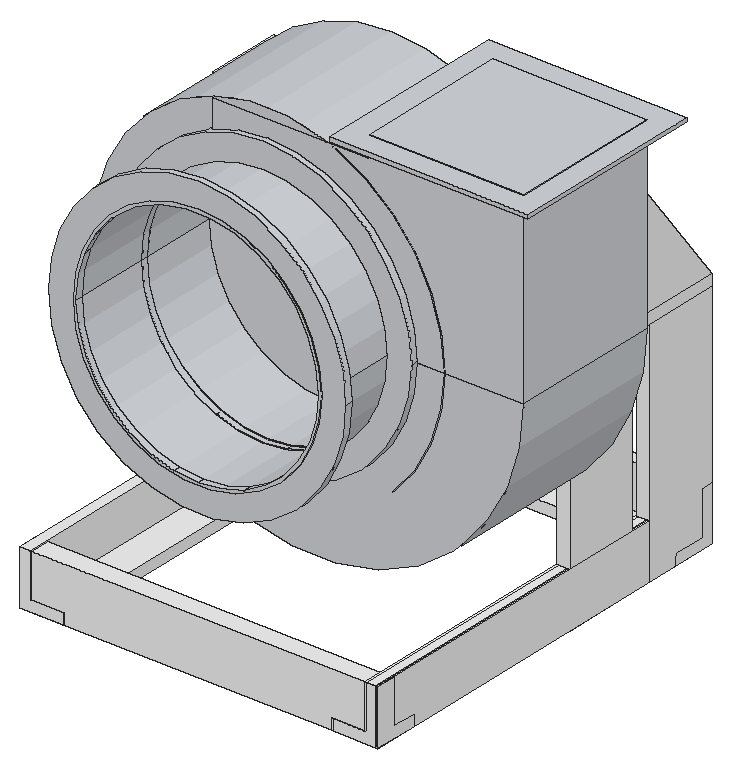
Revit family "НЕВАТОМ_Вентилятор ВР 280-46, Версия 2", category Оборудование, Revit 2017 (continued)
Definition of nested family "НЕВАТОМ_Рама монтажная для ВР-280-46, Версия 2"
  Dimensions and locks
    aligned and locked: cut or joined group of Extrusion 2, Extrusion 4 to Extrusion 3 sketch curve  (x2)
    aligned and locked: Extrusion 1 sketch curve to cut or joined group of Extrusion 2, Extrusion 4  (x2)
    aligned and locked: Extrusion 3 to Extrusion 1
  Automatic sketch dimensions
    curve 24 to level = 0.00 mm
    curve 23 to plane 7 = 0.00 mm
    curve 10 to level = 0.00 mm
    curve 10 to plane 6 = 0.00 mm
    curve 22 to plane 7 = 1.48 mm
    level to curve 28 = 1.497 mm
    curve 26 to curve 26 = 1.549 mm
    plane 6 to curve 9 = 1.48 mm
    level to curve 14 = 11.968 mm
    curve 14 to curve 11 = 1.549 mm
    level to curve 14 = 1.497 mm
    curve 27 to curve 25 = 10.471 mm
    curve 9 to curve 10 = 1.497 mm
    curve 22 to plane 10 = 1.497 mm
    Extrusion 2 sketch curve to plane 7 = 0.00 mm
    Extrusion 2 sketch curve to level = 0.00 mm
    Extrusion 2 sketch curve to plane 11 = 0.00 mm
    Extrusion 2 sketch curve to plane 10 = 0.00 mm  (x2)
    Extrusion 2 sketch curve to plane 15 = 0.549 mm
    Extrusion 2 sketch curve to plane 7 = 1.48 mm
    plane 13 to Extrusion 2 sketch curve = 0.549 mm
    Extrusion 2 sketch curve to Extrusion 2 sketch curve = 10.471 mm  (x2)
    Extrusion 2 sketch curve to plane 10 = 1.497 mm
    plane 19 to Extrusion 4 sketch curve = 42.50 mm  (x2)
    Extrusion 4 sketch curve to Extrusion 4 sketch curve = 20.00 mm  (x4)
    Extrusion 4 sketch curve to plane 3 "По центру (Влево/Вправо)" = 10.321 mm  (x2)
    plane 3 "По центру (Влево/Вправо)" to Extrusion 4 sketch curve = 9.679 mm  (x2)
    Extrusion 4 sketch curve to plane 20 = 62.50 mm  (x2)
    plane 6 to Extrusion 4 sketch curve = 18.50 mm
    Extrusion 4 sketch curve to Extrusion 4 sketch curve = 5.00 mm  (x3)
    plane 6 to Extrusion 4 sketch curve = 13.50 mm  (x2)
    curve 35 to plane 5 = 0.00 mm
    curve 34 to plane 5 = 0.00 mm
    curve 34 to plane 4 = 0.00 mm
    curve 35 to plane 4 = 0.00 mm
    curve 46 to plane 3 "По центру (Влево/Вправо)" = 10.321 mm
    curve 59 to plane 3 "По центру (Влево/Вправо)" = 10.321 mm
    curve 38 to plane 7 = 10.50 mm
    curve 42 to plane 7 = 10.50 mm
    curve 46 to plane 7 = 10.50 mm
    plane 6 to curve 50 = 13.50 mm
    plane 6 to curve 58 = 13.50 mm
    plane 6 to curve 54 = 13.50 mm
    plane 14 to curve 34 = 0.25 mm
Types (8, lengths in mm): name | с2 | с1 | Ширина основания | Ширина опоры | Сравнение праволево | НЕВАТОМ_Частота вращения электродвигателя | НЕВАТОМ_Направление вращения Правое | НЕВАТОМ_Направление вращения Левое | НЕВАТОМ_Мощность электродвигатель | ВР | r | l длина | l двиг | k | h3 | h2 | h1 | h | d двиг | b | URL | Type | R2 | R1 | L длина опоры | L двиг | H1 | H | D1 | D/2 | D входного патрубка | D внешний | D | BB | ADSK_Наименование краткое | ADSK_Марка | AA | A1
  (no name) | 220.00 | 160.00 | 325.00 | 325.00 | 1.00 | 3000.00 | yes | no | 0.18 | 2.00 | 50.00 | 160.00 | 120.00 | 50.00 | 0.00 | 150.00 | 170.00 | 120.00 | 100.00 | 20.00 | "" | 38.00 | 160.00 | 190.00 | 378.00 | 50.00 | 270.00 | 220.00 | 225.00 | 50.00 | 220.00 | 270.00 | 220.00 | 140.00 | "ВР 280-46-2.0-0.18КВТ*3000 ОБ/МИН. ПРАВ0" | "VR 280-46-2.0" | 140.00 | 162.00
  №2.5 | 208.00 | 260.00 | 310.00 | 310.00 | 0.00 | 1500.00 | no | yes | 0.37 | 2.50 | 50.00 | 260.00 | 120.00 | 50.00 | 0.00 | 155.00 | 180.00 | 120.00 | 100.00 | 20.00 | "https://t.me/NEVATOM_Bim_bot" | 38.00 | 180.00 | 210.00 | 468.00 | 50.00 | 306.00 | 260.00 | 255.00 | 50.00 | 250.00 | 300.00 | 250.00 | 175.00 | "ВР 280-46-2.5-0.37КВТ*1500 ОБ/МИН. ЛЕВ0" | "VR 280-46-2.5" | 175.00 | 162.00
  №3.15 | 227.00 | 300.00 | 323.00 | 323.00 | 0.00 | 1000.00 | no | yes | 0.55 | 3.15 | 50.00 | 300.00 | 120.00 | 1.00 | 100.00 | 200.00 | 220.00 | 120.00 | 100.00 | 20.00 | "" | 39.00 | 200.00 | 257.00 | 527.00 | 50.00 | 375.00 | 325.00 | 320.00 | 50.00 | 315.00 | 365.00 | 315.00 | 220.50 | "ВР 280-46-3.15-0.55КВТ*1000 ОБ/МИН. ЛЕВ0" | "VR 280-46-3.15" | 220.50 | 204.00
  №4 | 316.00 | 300.00 | 434.00 | 434.00 | 0.00 | 1000.00 | no | yes | 1.10 | 4.00 | 50.00 | 300.00 | 80.00 | 1.00 | 100.00 | 250.00 | 270.00 | 200.00 | 100.00 | 25.00 | "" | 40.00 | 250.00 | 326.00 | 616.00 | 100.00 | 541.00 | 490.00 | 405.00 | 50.00 | 400.00 | 450.00 | 400.00 | 280.00 | "ВР 280-46-4.0-1.1КВТ*1000 ОБ/МИН. ЛЕВ0" | "VR 280-46-4.0" | 280.00 | 260.00
  №5 | 410.00 | 450.00 | 476.00 | 476.00 | 0.00 | 1000.00 | no | yes | 4.00 | 5.00 | 50.00 | 450.00 | 80.00 | 1.00 | 100.00 | 310.00 | 335.00 | 150.00 | 100.00 | 25.00 | "" | 41.00 | 310.00 | 400.00 | 860.00 | 100.00 | 650.00 | 600.00 | 505.00 | 50.00 | 500.00 | 550.00 | 500.00 | 350.00 | "ВР 280-46-5.0-4КВТ*1000 ОБ/МИН. ЛЕВ0" | "VR 280-46-5.0" | 350.00 | 325.00
  №6.3 | 560.00 | 500.00 | 556.00 | 556.00 | 0.00 | 750.00 | no | yes | 5.50 | 6.30 | 120.00 | 500.00 | 300.00 | 1.00 | 100.00 | 395.00 | 415.00 | 300.00 | 240.00 | 25.00 | "" | 41.00 | 400.00 | 513.00 | 1060.00 | 100.00 | 747.00 | 627.00 | 635.00 | 120.00 | 630.00 | 700.00 | 630.00 | 441.00 | "ВР 280-46-6.3-5.5КВТ*750 ОБ/МИН. ЛЕВ0" | "VR 280-46-6.3" | 441.00 | 409.00
  №8 | 630.00 | 600.00 | 1068.00 | 646.00 | 0.00 | 750.00 | no | yes | 15.00 | 8.00 | 200.00 | 600.00 | 300.00 | 0.00 | 100.00 | 500.00 | 540.00 | 300.00 | 400.00 | 25.00 | "" | 42.00 | 500.00 | 650.00 | 1230.00 | 300.00 | 900.00 | 700.00 | 805.00 | 200.00 | 800.00 | 850.00 | 800.00 | 560.00 | "" | "VR 280-46-8.0" | 560.00 | 520.00
  №2.0 | 220.00 | 160.00 | 325.00 | 325.00 | 1.00 | 3000.00 | yes | no | 0.18 | 2.00 | 50.00 | 160.00 | 120.00 | 50.00 | 0.00 | 150.00 | 170.00 | 120.00 | 100.00 | 20.00 | "" | 38.00 | 160.00 | 190.00 | 378.00 | 50.00 | 270.00 | 220.00 | 225.00 | 50.00 | 220.00 | 270.00 | 220.00 | 140.00 | "ВР 280-46-2.0-0.18КВТ*3000 ОБ/МИН. ПРАВ0" | "VR 280-46-2.0" | 140.00 | 162.00
